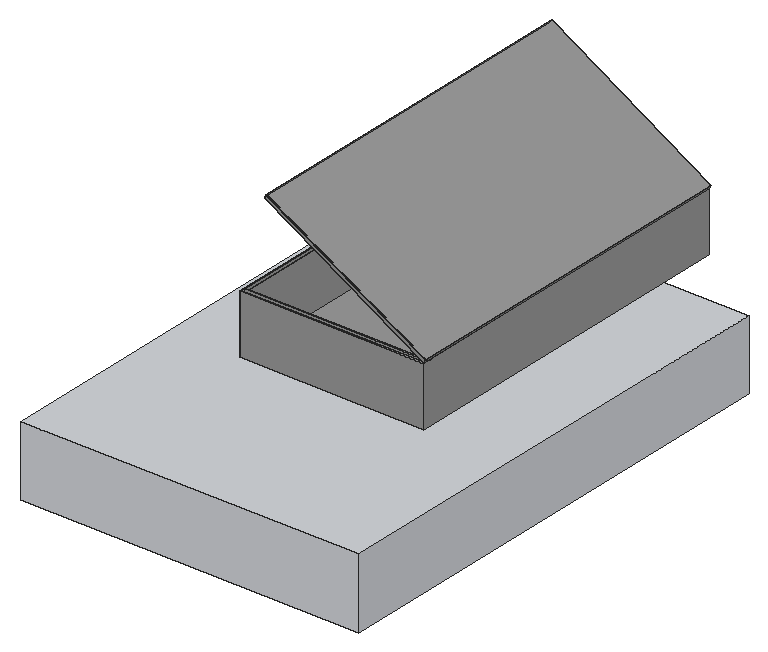
Revit family "Hager-Univers-IP55-D275-H1550-Cl.II-Steel_encl-PL-en", category Equipement électrique, Revit 2020
Family settings
  Hôte = Face
  Configuration du panneau = Deux colonnes, circuits au sein
  Cote de connecteur circulaire = Utiliser le diamètre
  Type d'élément = Tableau de raccordement
  Couper avec des vides une fois chargée = Non
  Partagée = Non
  Point de calcul de pièce = Non
Parameters (values of type "Surface mounted (plaster) IP55 W800 H1550 D275  - FR03S")
  Width Control [instance] = if([EF000008 - Width] > Min Width, [EF000008 - Width], Min Width)  # 800 mm
  Commentaires du type = [HG000003 - Range]  # "Univers"
  Thickness Door [instance] = if([EF009171 - Material plate thickness door/cover] > 3 mm, 3 mm, [EF009171 - Material plate thickness door/cover])  # 1.5 mm
  Seal Frame Offset [instance] = 17 mm  # constant formula
  Plinth Visibility [instance] = [HG000027 - Plinth height] > 0 mm  # no
  Model = ""
  Min Width [instance] = 100 mm  # constant formula
  Min Height [instance] = 100 mm  # constant formula
  Min Depth [instance] = (2 * [EF009170 - Material plate thickness cabinet]) + 1 mm  # 4 mm
  Internal Frame Depth [instance] = (Door System Depth * 0.5)  # 9 mm
  Height Control [instance] = if([EF000040 - Height] > Min Height, [EF000040 - Height], Min Height)  # 1550 mm
  HG000027 - Plinth height = 0 mm
  HG000026 - Floor standing = no
  HG000024 - Bottom section height = 800 mm
  HG000023 - Double section enclosure = no
  HG000016 - Door 3d visibility [instance] = yes
  HG000015 - Clearance visibility [instance] = no
  HG000014 - Door on the right [instance] = yes
  HG000013 - Door on the left [instance] = not([HG000014 - Door on the right])  # no
  HG000012 - Door swing angle [instance] = 30.00°
  HG000010 - Asymmetric doors = no
  HG000009 - Double swing door = no
  HG000006 - Flush mounted = no
  HG000004 - Manufacturer reference = "FR03S"
  HG000003 - Range = "Univers"
  HG000002 - With door or cover = yes
  Frame Offset Bottom [instance] = 10 mm  # constant formula
  Frame Offset [instance] = 15 mm  # constant formula
  EF015940 - Cover with overpressure release = no
  EF011959 - Degree of protection (NEMA) = ""
  EF009554 - Number of openings for flange plates = 6
  EF009212 - Cover model = "EV000116 - Closed"
  EF009171 - Material plate thickness door/cover = 1.5 mm
  EF009170 - Material plate thickness cabinet = 1.5 mm
  Fabricant = "Hager"  # constant formula
  EF008873 - Nominal current (In) = 800 A
  EF007800 - Suitable for lightning protection = no
  EF006306 - With lock = no
  EF006244 - Transparent cover/door = no
  EF005474 - Degree of protection (IP) = "EV006420 - IP55"
  EF004464 - Type of door = "EV002646 - Single"
  EF004427 - Number of modules = 360
  EF004293 - Impact strength = "EV008784 - IK10"
  EF003532 - Suitable for outdoor use = no
  EF002950 - Width in number of modular spacings = 24
  EF001613 - Circuit integrity = "EV000494 - None"
  EF001596 - Material housing = "EV000179 - Steel"
  EF001131 - Internal depth = 275 mm
  EF001088 - Extension possible = yes
  EF000437 - Number of conduit inlets = 6
  EF000339 - Type of cover = "EV004216 - Door"
  EF000266 - Number of rows = 10
  EF000218 - Built-in depth = 0 mm
  EF000118 - With mounting plate = no
  EF000116 - RAL-number = "7035"
  EF000049 - Depth = 275 mm
  EF000040 - Height = 1550 mm
  EF000008 - Width = 800 mm
  EF000007 - Colour = "EV000270 - Grey"
  EF000003 - Mounting method = "EV000384 - Surface mounted (plaster)"
  Door System Leaf Tolerance [instance] = 1.5 mm  # constant formula
  Door System Depth [instance] = 18 mm  # constant formula
  Door Height [instance] = Height Control - [HG000027 - Plinth height]  # 1550 mm
  Depth Control [instance] = if([EF000049 - Depth] > Min Depth, [EF000049 - Depth], Min Depth)  # 275 mm
  Default Elevation = 0 mm
  Connector Offset [instance] = Height Control / 2  # 775 mm
  Bottom Top Plate Trim [instance] = 1.5 mm  # constant formula
  Plinth height Ctrl [instance] = if([HG000027 - Plinth height] > 0 mm, [HG000027 - Plinth height], 12 mm)  # 12 mm
Types (5, lengths in mm): name | Width Control | HG000010 - Asymmetric doors | HG000009 - Double swing door | HG000004 - Manufacturer reference | EF009554 - Number of openings for flange plates | EF004464 - Type of door | EF004427 - Number of modules | EF000437 - Number of conduit inlets | EF000008 - Width
  Surface mounted (plaster) IP55 W1050 H1550 D275  - FR04S | 1050 | no | yes | "FR04S" | 8 | "EV003602 - Double" | 480 | 8 | 1050
  Surface mounted (plaster) IP55 W1300 H1550 D275  - FR05S | 1300 | yes | yes | "FR05S" | 10 | "EV003602 - Double" | 600 | 10 | 1300
  Surface mounted (plaster) IP55 W300 H1550 D275  - FR01S | 300 | no | no | "FR01S" | 2 | "EV002646 - Single" | 120 | 2 | 300
  Surface mounted (plaster) IP55 W550 H1550 D275  - FR02S | 550 | no | no | "FR02S" | 4 | "EV002646 - Single" | 240 | 4 | 550
  Surface mounted (plaster) IP55 W800 H1550 D275  - FR03S | 800 | no | no | "FR03S" | 6 | "EV002646 - Single" | 360 | 6 | 800
Reference planes
  plane 1 "Center (Front/Back)": y = 0
  plane 2: z = 0
  plane 3 "Center (Left/Right)": x = 0
  plane 4: z = 275
  plane 5: y = 1.5
  plane 6: y = 775
  plane 7: y = 0
  plane 8: y = 1550
  plane 9: z = 0
  plane 10: x = -385
  plane 11: x = 385
  plane 12: x = 383.5
  plane 13: x = -383.5
  plane 14: y = 1548.5
  plane 15: x = -383
  plane 16: x = -400
  plane 17: x = 383
  plane 18: x = 400
  plane 19: x = 398.5
  plane 20: x = -398.5
  plane 21: y = 11.5
  plane 22: y = 1550
  plane 23: y = 1533.5
  plane 24: z = 257
  plane 25: z = 1.5
  plane 26: z = 255.5
  plane 27: z = 273.5
Forms (mm)
  Extrusion 1, solid
    sketch origin (0, 0, 0) x (1, 0, 0) y (0, 1, 0)
      loop
        line (-702.964, 1305) -> (-702.964, -811.445) -> (766.763, -811.445) -> (766.763, 1305) -> (-702.964, 1305)
    from 0 to -304.8
  Extrusion 2, solid, material "Hager_Steel_RAL7035_Light_Grey", visible <- "Plinth Visibility", detail levels medium+fine
    sketch origin (0, 0, 0) x (1, 0, 0) y (0, 1, 0)
      loop
        line (-400, 0) -> (400, 0) -> (400, 12) -> (-400, 12) -> (-400, 0)
    from 0 to 257
  Extrusion 3, solid, material "Hager_Steel_RAL7035_Light_Grey", detail levels medium+fine
    sketch origin (0, 0, 0) x (1, 0, 0) y (0, 1, 0)
      loop
        line (-400, 0) -> (400, 0) -> (400, 1550) -> (-400, 1550) -> (-400, 0)
    from 0 to 257
  Extrusion 4, void
    sketch origin (0, 0, 0) x (1, 0, 0) y (0, 1, 0)
      loop
        line (-398.5, 1.5) -> (398.5, 1.5) -> (398.5, 1548.5) -> (-398.5, 1548.5) -> (-398.5, 1.5)
    from 1.5 to 255.5
  Extrusion 5, void
    sketch origin (-381.607, -4572, 257) x (0, -1, 0) y (-1, 0, 0)
      loop
        line (-4583.5, 1.893) -> (-6105.5, 1.893) -> (-6105.5, -765.107) -> (-4583.5, -765.107) -> (-4583.5, 1.893)
    from 0 to 1.5 <- "EF009170 - Material plate thickness cabinet"
  Extrusion 6, solid, material "Hager_Steel_RAL7035_Light_Grey", detail levels fine
    sketch origin (0, 0, 257) x (1, 0, 0) y (0, 1, 0)
      loop
        line (-383.5, 1533.5) -> (-383.5, 11.5) -> (383.5, 11.5) -> (383.5, 1533.5) -> (-383.5, 1533.5)
      loop
        line (-385, 10) -> (385, 10) -> (385, 1535) -> (-385, 1535) -> (-385, 10)
    from 0 to 9 <- "Internal Frame Depth"
  Extrusion 7, solid, material "Hager_Steel_RAL7035_Light_Grey", detail levels coarse
    sketch origin (0, 0, 0) x (1, 0, 0) y (0, 1, 0)
      loop
        line (-400, 0) -> (400, 0) -> (400, 1550) -> (-400, 1550) -> (-400, 0)
    from 0 to 275
  Sweep 8, void
    path in 3D
      loop
        line (-400, 12, 0) -> (400, 12, 0) -> (400, 12, 257) -> (-400, 12, 257) -> (-400, 12, 0)
    profile origin (-400, 12, 128.5) x (-1, 0, 0) y (0, -1, 0)
      loop
        line (0, 0) -> (0, 1.5) -> (-1.5, 1.5)
        arc (-1.5, 1.5) -> (-1.061, 0.439) -> (0, 0) r 1.5
Cuts and joins
  Extrusion 4, Extrusion 5 cuts Extrusion 3
  Sweep 8 cuts Extrusion 2
Lines and regions (mm)
  Masking region 1
    outline origin (0, 0, 0) x (1, 0, 0) y (0, 0, 1)
      loop
        line (-400, 275) -> (-400, 0) -> (400, 0) -> (400, 275) -> (-400, 275)
  Masking region 2, detail levels medium+fine
    outline origin (0, 140, 0) x (0, 1, 0) y (0, 0, 1)
      loop
        line (-140, 0) -> (1410, 0) -> (1410, 257) -> (-140, 257) -> (-140, 0)
  Masking region 3, not visible, detail levels medium+fine
    outline origin (0, 297.922, 0) x (0, 1, 0) y (0, 0, 1)
      loop
        line (488.578, 0) -> (528.578, 0) -> (528.578, 263.5)
        arc (528.578, 263.5) -> (525.649, 270.571) -> (518.578, 273.5) r 10
        line (518.578, 273.5) -> (488.578, 273.5) -> (488.578, 0)
  Masking region 4, detail levels coarse
    outline origin (0, 0, 180) x (0, 1, 0) y (0, 0, 1)
      loop
        line (0, -180) -> (1550, -180) -> (1550, 95) -> (0, 95) -> (0, -180)
  Masking region 5, visible <- "Plinth Visibility", detail levels medium+fine
    outline origin (0, 52.24, 12.345) x (0, 0, -1) y (0, 1, 0)
      loop
        line (10.845, -40.24) -> (-243.155, -40.24)
        arc (-243.155, -40.24) -> (-243.594, -41.301) -> (-244.655, -41.74) r 1.5
        line (-244.655, -41.74) -> (-244.655, -52.24) -> (12.345, -52.24) -> (12.345, -41.74)
        arc (12.345, -41.74) -> (11.285, -41.301) -> (10.845, -40.24) r 1.5
  Masking region 6, detail levels medium+fine
    outline origin (-381.607, -4572, 257) x (-1, 0, 0) y (0, -1, 0)
      loop
        line (18.393, -6122) -> (18.393, -4572) -> (-781.607, -4572) -> (-781.607, -6122) -> (18.393, -6122)
  Masking region 7, visible <- "Plinth Visibility", detail levels medium+fine
    outline origin (-381.607, -4727, 257) x (-1, 0, 0) y (0, -1, 0)
      loop
        arc (16.893, -4739) -> (17.332, -4737.939) -> (18.393, -4737.5) r 1.5
        line (18.393, -4737.5) -> (18.393, -4727) -> (-781.607, -4727) -> (-781.607, -4737.5)
        arc (-781.607, -4737.5) -> (-780.546, -4737.939) -> (-780.107, -4739) r 1.5
        line (-780.107, -4739) -> (16.893, -4739)
  Masking region 8, detail levels coarse
    outline origin (-442.548, -4669.526, 257) x (-1, 0, 0) y (0, -1, 0)
      loop
        line (-42.548, -6219.526) -> (-42.548, -4669.526) -> (-842.548, -4669.526) -> (-842.548, -6219.526) -> (-42.548, -6219.526)
  sketch lines
    curve 1: line (-400, 12, 257) -> (-400, 12, 0)
    curve 2: line (400, 12, 257) -> (-400, 12, 257)
    curve 3: line (400, 12, 257) -> (400, 12, 0)
    curve 4: line (-400, 12, 0) -> (400, 12, 0)
Dimensions and locks
  "Depth Control": plane 4 to Extrusion 1
  "HG000027 - Plinth height": plane 1 "Center (Front/Back)" to plane 7
  "EF009170 - Material plate thickness cabinet": plane 5 to plane 7
  locked: connector elem to plane 3 "Center (Left/Right)"
  equal spacing: plane 8, plane 6, plane 7
  locked: connector elem to plane 6
  "EF009170 - Material plate thickness cabinet": plane 8 to plane 14
  "EF009170 - Material plate thickness cabinet": plane 10 to plane 13
  "EF009170 - Material plate thickness cabinet": plane 12 to plane 11
  "Frame Offset": plane 20 to plane 13
  "Frame Offset": plane 12 to plane 19
  "EF009170 - Material plate thickness cabinet": plane 16 to plane 20
  "EF009170 - Material plate thickness cabinet": plane 19 to plane 18
  "Seal Frame Offset": plane 16 to plane 15
  "Seal Frame Offset": plane 17 to plane 18
  "Frame Offset Bottom": plane 21 to plane 5
  "Frame Offset": plane 14 to plane 23
  equal spacing: plane 16, plane 3 "Center (Left/Right)", plane 18
  "Width Control": plane 16 to plane 18
  "EF009170 - Material plate thickness cabinet": plane 4 to plane 27
  "EF009170 - Material plate thickness cabinet": plane 24 to plane 26
  "EF009170 - Material plate thickness cabinet": plane 25 to level
  "Door System Depth": plane 4 to plane 24
  "Height Control": plane 1 "Center (Front/Back)" to Extrusion 7 sketch curve
  "Height Control": Masking region 4 sketch curve to plane 1 "Center (Front/Back)"
  "Height Control": plane 1 "Center (Front/Back)" to plane 22
  "Bottom Top Plate Trim": profile plane to Sweep 8 sketch curve
  "Bottom Top Plate Trim": Sweep 8 sketch curve to profile plane
  "Plinth height Ctrl": plane 1 "Center (Front/Back)" to Extrusion 2 sketch curve
  "Plinth height Ctrl": Masking region 5 sketch curve to plane 1 "Center (Front/Back)"
  "Plinth height Ctrl": plane 1 "Center (Front/Back)" to Masking region 7 sketch curve
  "Thickness Door": Extrusion 6 sketch curve to Extrusion 6 sketch curve  (x3)
  "Thickness Door": cut or joined group of Extrusion 3, Extrusion 4, Extrusion 5 to Extrusion 6 sketch curve
  radius of Masking region 3 sketch curve = 10 mm
  "Bottom Top Plate Trim": radius of Masking region 5 sketch curve  (x2)
  "Bottom Top Plate Trim": radius of Sweep 8 sketch curve
  "Bottom Top Plate Trim": radius of Masking region 7 sketch curve  (x2)
  aligned and locked: plane 2 to Extrusion 1
  aligned and locked: level to Extrusion 1
  aligned and locked: level to Masking region 1 sketch curve
  aligned and locked: Masking region 1 sketch curve to plane 18
  aligned and locked: Masking region 1 sketch curve to plane 16
  aligned and locked: plane 7 to Masking region 2 sketch curve
  aligned and locked: level to Masking region 3 sketch curve
  aligned and locked: Masking region 3 sketch curve to plane 27
  aligned and locked: level to Masking region 2 sketch curve
  aligned and locked: plane 1 "Center (Front/Back)" to Extrusion 2 sketch curve
  aligned and locked: Extrusion 3 sketch curve to plane 7
  aligned and locked: plane 16 to Extrusion 3 sketch curve
  aligned and locked: plane 18 to Extrusion 3 sketch curve
  aligned and locked: plane 20 to Extrusion 4 sketch curve
  aligned and locked: plane 19 to Extrusion 4 sketch curve
  aligned and locked: Extrusion 4 sketch curve to plane 5
  aligned and locked: Extrusion 4 to plane 25
  aligned and locked: plane 26 to Extrusion 4
  aligned and locked: plane 24 to Extrusion 3
  aligned and locked: Extrusion 5 sketch curve to plane 21
  aligned and locked: Extrusion 5 sketch curve to plane 13
  aligned and locked: Extrusion 5 sketch curve to plane 12
  aligned and locked: plane 18 to Extrusion 7 sketch curve
  aligned and locked: plane 1 "Center (Front/Back)" to Extrusion 7 sketch curve
  aligned and locked: plane 16 to Extrusion 7 sketch curve
  aligned and locked: plane 4 to Extrusion 7
  aligned and locked: Extrusion 7 to level
  aligned and locked: level to Masking region 4 sketch curve
  aligned and locked: Masking region 4 sketch curve to plane 1 "Center (Front/Back)"
  aligned and locked: Masking region 4 sketch curve to plane 4
  aligned and locked: nested 1 to level
  aligned and locked: nested 1 to plane 16
  aligned and locked: plane 8 to Extrusion 3 sketch curve
  aligned and locked: plane 23 to Extrusion 5 sketch curve
  aligned and locked: plane 14 to Extrusion 4 sketch curve
  aligned and locked: Masking region 2 sketch curve to plane 8
  aligned and locked: level to Masking region 5 sketch curve
  aligned and locked: plane 16 to Extrusion 2 sketch curve
  aligned and locked: plane 18 to Extrusion 2 sketch curve
  aligned and locked: Masking region 5 sketch curve to plane 24
  aligned and locked: Masking region 2 sketch curve to plane 24
  aligned and locked: plane 24 to Extrusion 2
  aligned and locked: profile plane to Sweep 8 sketch curve  (x2)
  aligned and locked: Masking region 6 sketch curve to plane 18
  aligned and locked: Masking region 6 sketch curve to plane 22
  aligned and locked: Masking region 6 sketch curve to plane 16
  aligned and locked: plane 8 to plane 22
  aligned and locked: Masking region 6 sketch curve to plane 7
  aligned and locked: Masking region 7 sketch curve to plane 16
  aligned and locked: Masking region 7 sketch curve to plane 1 "Center (Front/Back)"
  aligned and locked: Masking region 7 sketch curve to plane 18
  aligned and locked: Masking region 8 sketch curve to plane 1 "Center (Front/Back)"
  aligned and locked: Masking region 8 sketch curve to plane 18
  aligned and locked: Masking region 8 sketch curve to plane 22
  aligned and locked: Masking region 8 sketch curve to plane 16
  aligned and locked: nested 2 to plane 7
  aligned and locked: plane 3 "Center (Left/Right)" to nested 2
  aligned and locked: nested 2 to plane 24
  aligned and locked: Extrusion 6 sketch curve to cut or joined group of Extrusion 3, Extrusion 4, Extrusion 5  (x4)
Automatic sketch dimensions
  Extrusion 1 sketch curve to Extrusion 1 sketch curve = 1469.727 mm
  Extrusion 1 sketch curve to Extrusion 1 sketch curve = 2116.445 mm
  Masking region 1 sketch curve to plane 4 = 0 mm
  plane 6 to Masking region 3 sketch curve = 11.5 mm
  Masking region 3 sketch curve to Masking region 3 sketch curve = 30 mm
  Masking region 5 sketch curve to plane 1 "Center (Front/Back)" = 0 mm
Nested families
  nested 1: "Hager_Enclosure_Symbol" at (-400, 0, 0) x (1, 0, 0) z (0, -1, 0), Height <- "Depth Control", Width <- "Width Control", type "Hager_Enclosure_Symbol"
    with Width_Ctrl 800 mm, Width 800 mm, Height_Ctrl 275 mm, Height 275 mm, A_Width_Int 18.047 mm, A_Width 216.562 mm, A_Height_Ctrl 240.625 mm, A_Height 240.625 mm
  nested 2: "EC000058_Univers_Door" at (0, 0, 257) x (1, 0, 0) z (0, 1, 0), Leaf_Tolerance <- "Door System Leaf Tolerance", Angle <- "HG000012 - Door swing angle", Door_Depth <- "Door System Depth", Door_Left <- "HG000013 - Door on the left", Transparent <- "EF006244 - Transparent cover/door", Assymetrical <- "HG000010 - Asymmetric doors", Width <- "Width Control", Clearance <- "HG000015 - Clearance visibility", Double <- "HG000009 - Double swing door", 3d_Door <- "HG000016 - Door 3d visibility", Lock_Visibility <- "EF006306 - With lock", Width_Ctrl <- "Width Control", Door_Right <- "HG000014 - Door on the right", Door <- "HG000002 - With door or cover", Height <- "Door Height", Thickness <- "Thickness Door", type "EC000058_Univers_Door", detail levels medium+fine
    with min_wh 4 mm, Width_Ctrl 800 mm, Width 800 mm, Transparent no, Thickness 1.5 mm, Seal_Material Hager_Rubber, Lock_Visibility no, Lock_Material Hager_Plastic_RAL9005_Jet_Black, Leaf_Width 800 mm, Leaf_Tolerance_External_Sides 0 mm, Leaf_Tolerance 1.5 mm, Leaf_Offset 0 mm, Leaf_Height 1547 mm, Leaf_2_Width 800 mm, Leaf_2_Offset 400 mm, Leaf_1_Width 800 mm, Leaf_1_Offset 400 mm, Height_Ctrl 1550 mm, Height 1550 mm, Glass_Material Hager_Glass, Double_Clearance_Ctrl no, Double no, Door_Right_Ctrl yes, Door_Right yes, Door_Material Hager_Steel_RAL7035_Light_Grey, Door_Left_Ctrl no, Door_Left no, Door_Depth 18 mm, Door yes, Clearance_Material Hager_Clearance, Clearance_Depth 800 mm, Clearance_Ctrl no, Clearance no, Assymetrical no, Angle 30.00°, 3d_Door yes
Connectors
  electrical at (0, 775, 0)
    settings: on plane 9, index 1, voltage 0 V, apparent load 0 VA, apparent load phase1 0 VA, apparent load phase2 0 VA, apparent load phase3 0 VA, power factor 1, load classification "Other", number of poles 1, system type 30, power factor state 1, is connector primary yes, connector utility no, sub classification motor no, connector description ""
Definition of nested family "EC000058_Univers_Door"
  Parameters (values of type "EC000058_Univers_Door")
    min_wh [instance] = (2 * Thickness) + 1 mm  # 11 mm
    Width_Ctrl [instance] = 400 mm
    Width [instance] = 500 mm
    Transparent [instance] = yes
    Thickness [instance] = 5 mm
    Seal_Material [instance] = none
    Lock_Visibility [instance] = yes
    Lock_Material [instance] = none
    Leaf_Width [instance] = if((Width_Ctrl - 2 * Leaf_Tolerance_External_Sides) > 0 mm, (Width_Ctrl - 2 * Leaf_Tolerance_External_Sides), min_wh)  # 400 mm
    Leaf_Tolerance_External_Sides [instance] = 0 mm  # constant formula
    Leaf_Tolerance [instance] = 1.5 mm
    Leaf_Offset [instance] = 0 mm  # constant formula
    Leaf_Height [instance] = if((Height_Ctrl - 2 * Leaf_Tolerance) > 0 mm, (Height_Ctrl - 2 * Leaf_Tolerance), min_wh)  # 497 mm
    Leaf_2_Width [instance] = if(and(and(Double, Assymetrical), Door_Left), (Leaf_Width / 3) - (Leaf_Tolerance / 2), if(and(and(Double, Assymetrical), Door_Right), (Leaf_Width / 3) * 2 - (Leaf_Tolerance / 2), if(and(Double, not(Assymetrical)), (Leaf_Width / 2) - Leaf_Tolerance, Leaf_Width)))  # 400 mm
    Leaf_2_Offset [instance] = if(and(Double, Assymetrical), Leaf_2_Width / 2, if(and(Double, not(Assymetrical)), Leaf_Width / 4, Leaf_Width / 2))  # 200 mm
    Leaf_1_Width [instance] = if(and(and(Double, Assymetrical), Door_Right), (Leaf_Width / 3) - (Leaf_Tolerance / 2), if(and(and(Double, Assymetrical), Door_Left), (Width / 3) * 2 - (Leaf_Tolerance / 2), if(and(Double, not(Assymetrical)), (Leaf_Width / 2) - Leaf_Tolerance, Leaf_Width)))  # 400 mm
    Leaf_1_Offset [instance] = if(and(Double, Assymetrical), Leaf_1_Width / 2, if(and(Double, not(Assymetrical)), Leaf_Width / 4, Leaf_Width / 2))  # 200 mm
    Height_Ctrl [instance] = if(Height > min_wh, Height, min_wh)  # 500 mm
    Height [instance] = 500 mm
    Glass_Material [instance] = none
    Double_Clearance_Ctrl [instance] = and(Double, Clearance)  # no
    Double [instance] = no
    Door_Right_Ctrl [instance] = and(or(Door_Right, Double), Door)  # yes
    Door_Right [instance] = yes
    Door_Material [instance] = none
    Door_Left_Ctrl [instance] = and(or(Door_Left, Double), Door)  # no
    Door_Left [instance] = no
    Door_Depth [instance] = 30 mm
    Door [instance] = yes
    Default Elevation = 1219.2 mm
    Clearance_Material [instance] = none
    Clearance_Depth [instance] = if(Leaf_1_Width > Leaf_2_Width, Leaf_1_Width, Leaf_2_Width)  # 400 mm
    Clearance_Ctrl [instance] = and(not(Double), Clearance)  # yes
    Clearance [instance] = yes
    Assymetrical [instance] = yes
    Angle [instance] = 30.00°
    3d_Door [instance] = yes
  Reference planes
    plane 1 "Center (Front/Back)": y = 0
    plane 2 "Bottom": z = 0
    plane 3 "Center (Left/Right)": x = 0
    plane 4: z = 500
    plane 5: x = -200
    plane 6: x = 200
    plane 7: z = 500
    plane 8: x = -200
    plane 9: z = 0
    plane 10: x = 200
    plane 11: y = 0
    plane 12: z = 1.5
    plane 13: x = -600
    plane 14: y = -400
    plane 15: x = 600
    plane 16: x = 0
    plane 17: x = 0
    plane 18: x = -200
    plane 19: x = 200
    plane 20: z = 498.5
  Forms (mm)
    Extrusion 1, solid, material <- "Clearance_Material", visible <- "Double_Clearance_Ctrl"
      sketch origin (1200, 0, 0) x (1, 0, 0) y (0, 0, -1)
        loop
          line (-1800, -498.5) -> (-600, -498.5) -> (-600, 0) -> (-1800, 0) -> (-1800, -498.5)
      from 0 to -400
  Dimensions and locks
    equal spacing: plane 5, plane 3 "Center (Left/Right)", plane 6
    "Width_Ctrl": plane 5 to plane 6
    "Leaf_Offset": plane 5 to plane 8
    "Leaf_Offset": plane 6 to plane 10
    "Leaf_Offset": plane 9 to level
    "Leaf_Offset": plane 4 to plane 7
    "Height_Ctrl": plane 4 to level
    "Leaf_Tolerance": plane 12 to plane 9
    locked: plane 11 to plane 1 "Center (Front/Back)"
    "Leaf_1_Offset": plane 18 to plane 16
    "Leaf_2_Offset": plane 17 to plane 19
    "Leaf_1_Width": plane 13 to plane 8
    "Leaf_2_Width": plane 10 to plane 15
    "Clearance_Depth": plane 14 to plane 1 "Center (Front/Back)"
    "Leaf_Tolerance_External_Sides": plane 8 to plane 18
    "Leaf_Tolerance_External_Sides": plane 19 to plane 10
    "Leaf_Tolerance": plane 7 to plane 20
    aligned and locked: level to plane 2 "Bottom"
    aligned and locked: nested 1 to plane 16
    aligned and locked: nested 2 to plane 17
    aligned and locked: Extrusion 1 to plane 13
    aligned and locked: plane 15 to Extrusion 1
    aligned and locked: Extrusion 1 to plane 14
    aligned and locked: plane 12 to nested 1
    aligned and locked: nested 2 to plane 12
    aligned and locked: Extrusion 1 to plane 11
    aligned and locked: plane 20 to Extrusion 1
    aligned and locked: nested 2 to plane 11
    aligned and locked: nested 1 to plane 11
  Automatic sketch dimensions
    Extrusion 1 sketch curve to level = 0 mm
    plane 5 to Extrusion 1 sketch curve = 400 mm
    plane 6 to Extrusion 1 sketch curve = 400 mm
    Extrusion 1 sketch curve to plane 4 = 1.5 mm
  Nested families
    nested 1: "EC000058_Univers_Door_Leaf" at (0, 0, 1.5), Width <- "Leaf_1_Width", visible <- "Door_Left_Ctrl", Leaf_Height <- "Leaf_Height", Angle <- "Angle", 3d_Door <- "3d_Door", Transparent <- "Transparent", Clearance Material <- "Clearance_Material", Clearance <- "Clearance_Ctrl", Door_Material <- "Door_Material", Glass_Material <- "Glass_Material", Door_Depth <- "Door_Depth", Lock_Material <- "Lock_Material", Seal_Material <- "Seal_Material", Lock_Visibility <- "Lock_Visibility", Thickness <- "Thickness", type "EC000058_Univers_Door_Leaf"
      with Width 400 mm, Transparent_Glass_Offset 30 mm, Transparent_Ctrl yes, Transparent yes, Thickness 5 mm, Standard no, Seal_Material none, Seal_D2 8 mm, Seal_D1 1 mm, Offset_Internal_Frame 10 mm, Lock_Width 20 mm, Lock_Visibility_3d yes, Lock_Visibility yes, Lock_Thickness_3 3 mm, Lock_Thickness_2 1 mm, Lock_Thickness_1 3 mm, Lock_Radius_Offset_2 16 mm, Lock_Radius_Offset_1 15 mm, Lock_Radius_2 5 mm, Lock_Radius 6 mm, Lock_Offset 5 mm, Lock_Material none, Lock_Height 80 mm, Lock_Cover_Top_Offset_2d 17 mm, Lock_Cover_Height -65 mm, Leaf_Height 497 mm, Internal_Seal_Thickness 8 mm, Internal_Seal_Depth_2 4.5 mm, Internal_Frame_Depth 25 mm, Glass_Thickness -1 mm, Glass_Offset -2 mm, Glass_Material none, Door_Material none, Door_Depth 30 mm, Clearance Material none, Clearance yes, Angle_Ctrl 30.00°, Angle 30.00°, 3d_Door yes
    nested 2: "EC000058_Univers_Door_Leaf" at (0, 0, 1.5) x (-1, 0, 0) z (0, 0, 1), Width <- "Leaf_2_Width", visible <- "Door_Right_Ctrl", Leaf_Height <- "Leaf_Height", Angle <- "Angle", 3d_Door <- "3d_Door", Transparent <- "Transparent", Clearance Material <- "Clearance_Material", Clearance <- "Clearance_Ctrl", Door_Material <- "Door_Material", Glass_Material <- "Glass_Material", Door_Depth <- "Door_Depth", Lock_Material <- "Lock_Material", Seal_Material <- "Seal_Material", Lock_Visibility <- "Lock_Visibility", Thickness <- "Thickness", type "EC000058_Univers_Door_Leaf"
      with Width 400 mm, Transparent_Glass_Offset 30 mm, Transparent_Ctrl yes, Transparent yes, Thickness 5 mm, Standard no, Seal_Material none, Seal_D2 8 mm, Seal_D1 1 mm, Offset_Internal_Frame 10 mm, Lock_Width 20 mm, Lock_Visibility_3d yes, Lock_Visibility yes, Lock_Thickness_3 3 mm, Lock_Thickness_2 1 mm, Lock_Thickness_1 3 mm, Lock_Radius_Offset_2 16 mm, Lock_Radius_Offset_1 15 mm, Lock_Radius_2 5 mm, Lock_Radius 6 mm, Lock_Offset 5 mm, Lock_Material none, Lock_Height 80 mm, Lock_Cover_Top_Offset_2d 17 mm, Lock_Cover_Height -65 mm, Leaf_Height 497 mm, Internal_Seal_Thickness 8 mm, Internal_Seal_Depth_2 4.5 mm, Internal_Frame_Depth 25 mm, Glass_Thickness -1 mm, Glass_Offset -2 mm, Glass_Material none, Door_Material none, Door_Depth 30 mm, Clearance Material none, Clearance yes, Angle_Ctrl 30.00°, Angle 30.00°, 3d_Door yes
  Definition of nested family "EC000058_Univers_Door_Leaf"
    Parameters (values of type "EC000058_Univers_Door_Leaf")
      Width [instance] = 2000 mm
      Transparent_Glass_Offset [instance] = 30 mm
      Transparent_Ctrl [instance] = and(Transparent, [3d_Door])  # yes
      Transparent [instance] = yes
      Thickness [instance] = 5 mm
      Standard [instance] = and(not(Transparent), [3d_Door])  # no
      Seal_Material [instance] = none
      Seal_D2 [instance] = 8 mm  # constant formula
      Seal_D1 [instance] = 1 mm  # constant formula
      Offset_Internal_Frame [instance] = 10 mm  # constant formula
      Lock_Width [instance] = 20 mm  # constant formula
      Lock_Visibility_3d [instance] = and(Lock_Visibility, [3d_Door])  # yes
      Lock_Visibility [instance] = yes
      Lock_Thickness_3 [instance] = 3 mm  # constant formula
      Lock_Thickness_2 [instance] = 1 mm  # constant formula
      Lock_Thickness_1 [instance] = 3 mm  # constant formula
      Lock_Radius_Offset_2 [instance] = Lock_Radius_Offset_1 + 1 mm  # 16 mm
      Lock_Radius_Offset_1 [instance] = 15 mm  # constant formula
      Lock_Radius_2 [instance] = Lock_Radius - 1 mm  # 5 mm
      Lock_Radius [instance] = 6 mm  # constant formula
      Lock_Offset [instance] = 5 mm  # constant formula
      Lock_Material [instance] = none
      Lock_Height [instance] = 80 mm  # constant formula
      Lock_Cover_Top_Offset_2d [instance] = Lock_Radius_Offset_2 + 1 mm  # 17 mm
      Lock_Cover_Height [instance] = -(Lock_Height - Lock_Radius_Offset_1)  # -65 mm
      Leaf_Height [instance] = 2720.336 mm
      Internal_Seal_Thickness [instance] = 8 mm  # constant formula
      Internal_Seal_Depth_2 [instance] = 4.5 mm  # constant formula
      Internal_Frame_Depth [instance] = if(Door_Depth - Thickness > 5 mm, Door_Depth - Thickness, 5 mm)  # 25 mm
      Glass_Thickness [instance] = if(Thickness > 15 mm, Glass_Offset + 10 mm, -1 mm)  # -1 mm
      Glass_Offset [instance] = if(Thickness > 15 mm, -(Thickness + 10 mm) / 2, -2 mm)  # -2 mm
      Glass_Material [instance] = none
      Door_Material [instance] = none
      Door_Depth [instance] = 30 mm
      Default Elevation = 0 mm
      Clearance Material [instance] = none
      Clearance [instance] = yes
      Angle_Ctrl [instance] = if(Angle > 180.00°, 180.00°, Angle)  # 90.00°
      Angle [instance] = 90.00°
      3d_Door [instance] = yes
    Reference planes
      plane 1 "Center (Front/Back)": y = 0
      plane 2: z = 0
      plane 3 "Center (Left/Right)": x = 0
      plane 4: y = 2000
      plane 5: x = -1000
      plane 6: x = 1000
      plane 7: x = -3000
      plane 8: z = 2720.336
      plane 9: z = 30
      plane 10: z = 2690.336
      plane 11: x = 970
      plane 12: x = -970
      plane 13: y = -3
      plane 14: z = 107.833
      plane 15: y = -5
      plane 16: y = -223.314
      plane 17: x = -1000
      plane 18: z = 1360.168
      plane 19: y = 30
    Forms (mm)
      Extrusion 1, solid, material <- "Clearance Material", visible <- "Clearance"
        sketch origin (0, 0, 0) x (1, 0, 0) y (0, 0, 1)
          loop
            line (-3000, 2720.336) -> (-3000, 0) -> (1000, 0) -> (1000, 2720.336) -> (-3000, 2720.336)
        from 0 to -2000
      Extrusion 2, solid, material <- "Door_Material", visible <- "Standard", detail levels medium+fine
        sketch origin (-1000, 0, 0) x (0, 1, 0) y (-1, 0, 0)
          loop
            line (0, 30) -> (0, 25) -> (2000, 25) -> (2000, 30) -> (0, 30)
        from 0 to 2720.336 <- "Leaf_Height"
      Extrusion 3, solid, material <- "Door_Material", visible <- "Transparent_Ctrl", detail levels medium+fine
        sketch origin (-1000, 0, 0) x (0, 1, 0) y (-1, 0, 0)
          loop
            line (0, 25) -> (2000, 25) -> (2000, 30) -> (0, 30) -> (0, 25)
        from 0 to 2720.336 <- "Leaf_Height"
      Extrusion 4, void
        sketch origin (-1025, 2000, 0) x (0, 1, 0) y (0, 0, -1)
          loop
            line (-30, -2690.336) -> (-30, -30) -> (-1970, -30) -> (-1970, -2690.336) -> (-30, -2690.336)
        from 0 to 5 <- "Thickness"
      Sweep 5, solid, material <- "Seal_Material", visible <- "Transparent_Ctrl", detail levels fine
        path in 3D
          loop
            line (-1025, 30, 30) -> (-1025, 30, 2690.336) -> (-1025, 1970, 2690.336) -> (-1025, 1970, 30) -> (-1025, 30, 30)
        profile origin (-1025, 1000, 30) x (1, 0, 0) y (0, 0, 1)
          loop
            line (0, 0) -> (0, -8) -> (1, -8) -> (1, 0) -> (0, 0)
      Extrusion 6, solid, material <- "Glass_Material", visible <- "Transparent_Ctrl", detail levels medium+fine
        sketch origin (-1030, 0, 0) x (0, 1, 0) y (0, 0, -1)
          loop
            line (1970, -2690.336) -> (1970, -30) -> (30, -30) -> (30, -2690.336) -> (1970, -2690.336)
        from -2 <- "Glass_Offset" to -1 <- "Glass_Thickness"
      Extrusion 7, solid, material <- "Door_Material", visible <- "3d_Door", detail levels medium+fine
        sketch origin (-1025, 2000, 0) x (0, -1, 0) y (0, 0, -1)
          loop
            line (0, -2720.336) -> (2000, -2720.336) -> (2000, 0) -> (0, 0) -> (0, -2720.336)
          loop
            line (1995, -5) -> (5, -5) -> (5, -2715.336) -> (1995, -2715.336) -> (1995, -5)
        from 0 to 25 <- "Internal_Frame_Depth"
      Sweep 8, solid, material <- "Seal_Material", visible <- "Transparent_Ctrl", detail levels fine
        path in 3D
          loop
            line (-1025, 0, 0) -> (-1025, 2000, 0) -> (-1025, 2000, 2720.336) -> (-1025, 0, 2720.336) -> (-1025, 0, 0)
        profile origin (-1025, 0, 1360.168) x (1, 0, 0) y (0, 1, 0)
          loop
            line (0, 10) -> (2.975, 10)
            arc (2.975, 10) -> (4.053, 10.447) -> (4.5, 11.525) r 1.525
            line (4.5, 11.525) -> (4.5, 16.527)
            arc (4.5, 16.527) -> (4.069, 17.569) -> (3.027, 18) r 1.473
            line (3.027, 18) -> (0, 18) -> (0, 10)
      Extrusion 9, solid, material <- "Lock_Material", visible <- "Lock_Visibility_3d", detail levels fine
        sketch origin (-1030, 0, 0) x (0, 1, 0) y (0, 0, -1)
          loop
            arc (1993.5, -1400.168) -> (1994.561, -1399.729) -> (1995, -1398.668) r 1.5
            line (1995, -1398.668) -> (1995, -1320.168) -> (1975, -1320.168) -> (1975, -1398.668)
            arc (1975, -1398.668) -> (1975.439, -1399.729) -> (1976.5, -1400.168) r 1.5
            line (1976.5, -1400.168) -> (1993.5, -1400.168)
        from 3 <- "Lock_Thickness_1" to 0
      Blend 10, solid, material <- "Lock_Material", visible <- "Lock_Visibility_3d", detail levels fine
        base sketch origin (-1033, 0, 0) x (0, 1, 0) y (0, 0, -1)
          loop
            line (1975, -1320.168) -> (1975, -1398.668)
            arc (1975, -1398.668) -> (1975.439, -1399.729) -> (1976.5, -1400.168) r 1.5
            line (1976.5, -1400.168) -> (1993.5, -1400.168)
            arc (1993.5, -1400.168) -> (1994.561, -1399.729) -> (1995, -1398.668) r 1.5
            line (1995, -1398.668) -> (1995, -1320.168) -> (1975, -1320.168)
        top sketch origin (-1033, 0, 0) x (0, 1, 0) y (0, 0, -1)
          loop
            line (1976, -1320.168) -> (1976, -1398.668)
            arc (1976, -1398.668) -> (1976.146, -1399.022) -> (1976.5, -1399.168) r 0.5
            line (1976.5, -1399.168) -> (1993.5, -1399.168)
            arc (1993.5, -1399.168) -> (1993.854, -1399.022) -> (1994, -1398.668) r 0.5
            line (1994, -1398.668) -> (1994, -1320.168) -> (1976, -1320.168)
        from 0 to 1 <- "Lock_Thickness_2"
      Blend 11, solid, material <- "Lock_Material", visible <- "Lock_Visibility_3d", detail levels fine
        base sketch origin (-1034, 0, 0) x (0, 1, 0) y (0, 0, -1)
          loop
            line (1978, -1320.168) -> (1978, -1384.168)
            arc (1978, -1384.168) -> (1985, -1391.168) -> (1992, -1384.168) r 7
            line (1992, -1384.168) -> (1992, -1320.168) -> (1978, -1320.168)
        top sketch origin (-1034, 0, 0) x (0, 1, 0) y (0, 0, -1)
          loop
            line (1991, -1320.168) -> (1979, -1320.168) -> (1979, -1383.168)
            arc (1979, -1383.168) -> (1985, -1389.168) -> (1991, -1383.168) r 6
            line (1991, -1383.168) -> (1991, -1320.168)
        from 0 to 3 <- "Lock_Thickness_3"
      Extrusion 12, solid, material <- "Lock_Material", visible <- "Lock_Visibility_3d", detail levels fine
        sketch origin (-1030, 1975, 1320.168) x (1, 0, 0) y (0, -1, 0)
          loop
            line (-7, -19) -> (-7, -1) -> (0, -1) -> (0, 0) -> (-8, 0) -> (-8, -20) -> (0, -20) -> (0, -19) -> (-7, -19)
        from 0 to -65 <- "Lock_Cover_Height"
      Extrusion 13, void
        sketch origin (-1038, 1995, 1320.168) x (-1, 0, 0) y (0, 0, -1)
          loop
            line (-5, -65) -> (0, -65) -> (-5, -60) -> (-5, -65)
        from 0 to 20 <- "Lock_Width"
      Extrusion 14, void
        sketch origin (-1038, 1975, 1320.168) x (0, -1, 0) y (0, 0, -1)
          loop
            circle (-10, -15.995) r 6
          loop
            circle (-10, -15.995) r 5
        from 0 to 2
      Extrusion 15, solid, material <- "Lock_Material", visible <- "Lock_Visibility_3d", detail levels medium
        sketch origin (-1030, 0, 0) x (0, 1, 0) y (0, 0, -1)
          loop
            arc (1993.5, -1400.168) -> (1994.561, -1399.729) -> (1995, -1398.668) r 1.5
            line (1995, -1398.668) -> (1995, -1320.168) -> (1975, -1320.168) -> (1975, -1398.668)
            arc (1975, -1398.668) -> (1975.439, -1399.729) -> (1976.5, -1400.168) r 1.5
            line (1976.5, -1400.168) -> (1993.5, -1400.168)
        from 8 to 0
    Cuts and joins
      Extrusion 4 cuts Extrusion 3
      Extrusion 13, Extrusion 14 cuts Extrusion 9
      Extrusion 14 cuts Blend 11
      Extrusion 13, Extrusion 14 cuts Extrusion 12
      joined: Extrusion 9, Blend 10, Blend 11, Extrusion 12
      Extrusion 14 cuts Extrusion 15
    Lines and regions (mm)
      Masking region 1, visible <- "Lock_Visibility", detail levels fine
        outline origin (0, 0, 0) x (0, 1, 0) y (0, 0, 1)
          loop
            line (30, 1320.168) -> (33, 1320.168) -> (33, 1400.168) -> (30, 1400.168) -> (30, 1320.168)
      Masking region 2, visible <- "Lock_Visibility", detail levels fine
        outline origin (0, 3.143, 0) x (0, 1, 0) y (0, 0, 1)
          loop
            line (29.857, 1354.168) -> (30.857, 1354.168) -> (30.857, 1366.168) -> (29.857, 1366.168) -> (29.857, 1354.168)
      Masking region 3, detail levels medium+fine
        outline origin (0, 0, 0) x (0, 1, 0) y (0, 0, 1)
          loop
            line (0, 0) -> (30, 0) -> (30, 2720.336) -> (0, 2720.336) -> (0, 0)
      Masking region 4, detail levels medium+fine
        outline origin (0, 0, 0) x (1, 0, 0) y (0, 0, 1)
          loop
            line (-1000, 2720.336) -> (-1000, 0) -> (1000, 0) -> (1000, 2720.336) -> (-1000, 2720.336)
      Masking region 5, visible <- "Lock_Visibility", detail levels fine
        outline origin (-47.116, 0, 0) x (1, 0, 0) y (0, 0, 1)
          loop
            arc (1024.616, 1399.168) -> (1023.556, 1398.729) -> (1023.116, 1397.668) r 1.5
            line (1023.116, 1397.668) -> (1023.116, 1320.168) -> (1041.116, 1320.168) -> (1041.116, 1397.668)
            arc (1041.116, 1397.668) -> (1040.677, 1398.729) -> (1039.616, 1399.168) r 1.5
            line (1039.616, 1399.168) -> (1024.616, 1399.168)
      Masking region 6, visible <- "Lock_Visibility", detail levels medium+fine
        outline origin (-25, 0, 0) x (1, 0, 0) y (0, 0, 1)
          loop
            arc (1001.5, 1400.168) -> (1000.439, 1399.729) -> (1000, 1398.668) r 1.5
            line (1000, 1398.668) -> (1000, 1320.168) -> (1020, 1320.168) -> (1020, 1398.668)
            arc (1020, 1398.668) -> (1019.561, 1399.729) -> (1018.5, 1400.168) r 1.5
            line (1018.5, 1400.168) -> (1001.5, 1400.168)
      Masking region 7, visible <- "Lock_Visibility", detail levels fine
        outline origin (-73.735, 0, 0) x (1, 0, 0) y (0, 0, 1)
          loop
            line (1051.735, 1382.168) -> (1065.735, 1382.168) -> (1065.735, 1384.168)
            arc (1065.735, 1384.168) -> (1058.735, 1391.168) -> (1051.735, 1384.168) r 7
            line (1051.735, 1384.168) -> (1051.735, 1382.168)
      Masking region 8, visible <- "Lock_Visibility", detail levels fine
        outline origin (-73.735, 0, 0) x (1, 0, 0) y (0, 0, 1)
          loop
            line (1052.735, 1382.168) -> (1064.735, 1382.168) -> (1064.735, 1383.168)
            arc (1064.735, 1383.168) -> (1058.735, 1389.168) -> (1052.735, 1383.168) r 6
            line (1052.735, 1383.168) -> (1052.735, 1382.168)
      Masking region 9, visible <- "Lock_Visibility", detail levels fine
        outline origin (-25, 0, 0) x (1, 0, 0) y (0, 0, 1)
          loop
            line (1020, 1320.168) -> (1020, 1382.168) -> (1000, 1382.168) -> (1000, 1320.168) -> (1020, 1320.168)
      Masking region 10, detail levels medium+fine
        outline origin (0, 0, 0) x (1, 0, 0) y (0, 0, 1)
          loop
            circle (985, 1335.144) r 6
      Masking region 11, detail levels fine
        outline origin (0, 0, 0) x (1, 0, 0) y (0, 0, 1)
          loop
            circle (985, 1335.144) r 5
      Masking region 12, visible <- "Lock_Visibility", detail levels fine
        outline origin (0, 12.767, 0) x (0, 1, 0) y (0, 0, 1)
          loop
            line (20.233, 1320.168) -> (21.233, 1320.168) -> (21.233, 1399.168) -> (20.233, 1400.168) -> (20.233, 1320.168)
      Masking region 13, visible <- "Lock_Visibility", detail levels fine
        outline origin (0, 13.767, -10) x (0, 1, 0) y (0, 0, 1)
          loop
            line (20.233, 1330.168) -> (23.233, 1330.168) -> (23.233, 1399.168) -> (20.233, 1402.168) -> (20.233, 1330.168)
      Masking region 14, visible <- "Lock_Visibility", detail levels fine
        outline origin (0, 12.767, -10) x (0, 1, 0) y (0, 0, 1)
          loop
            line (20.233, 1330.168) -> (25.233, 1330.168) -> (25.233, 1399.305) -> (20.233, 1394.305) -> (20.233, 1330.168)
      Masking region 15, visible <- "Lock_Visibility", detail levels medium
        outline origin (0, 0, 0) x (0, 1, 0) y (0, 0, 1)
          loop
            line (30, 1320.168) -> (38, 1320.168) -> (38, 1400.168) -> (30, 1400.168) -> (30, 1320.168)
      Masking region 16, visible <- "Lock_Visibility", detail levels fine
        outline origin (-1000, 0, 0) x (0, 1, 0) y (-1, 0, 0)
          loop
            line (1975, 30) -> (1995, 30) -> (1995, 38) -> (1975, 38) -> (1975, 30)
          loop
            line (1979, 37) -> (1976, 37) -> (1976, 34) -> (1978, 34) -> (1979, 37)
          loop
            line (1994, 37) -> (1991, 37) -> (1992, 34) -> (1994, 34) -> (1994, 37)
      Masking region 17, visible <- "Lock_Visibility", detail levels medium
        outline origin (-1000, 0, 0) x (0, 1, 0) y (-1, 0, 0)
          loop
            line (1975, 30) -> (1995, 30) -> (1995, 38) -> (1975, 38) -> (1975, 30)
      symbolic lines
        curve 1: line (1000, 0, 0) -> (-3000, 0, 0)
        curve 2: arc (1000, 0, 0) -> (-1000, 2000, 0) -> (-3000, 0, 0) r 2000
        curve 4: line (-1030, 0, 0) -> (-1030, 2000, 0)
      reference lines
        curve 3: line (-1000, 0, 0) -> (-1000, 2000, 0)
      symbolic lines, detail levels medium+fine
        curve 5: line (-1030, 2000, 0) -> (-1025, 2000, 0)
        curve 7: line (-1025, 0, 0) -> (-1030, 0, 0)
        curve 8: line (-1025, 0, 0) -> (-1000, 0, 0)
        curve 9: line (-1000, 0, 0) -> (-1000, 2000, 0)
        curve 10: line (-1000, 2000, 0) -> (-1025, 2000, 0)
      symbolic lines, detail levels fine
        curve 6: line (-1025, 2000, 0) -> (-1025, 0, 0)
      sketch lines
        curve 11: line (-1025, 0, 2720.336) -> (-1025, 0, 0)
        curve 12: line (-1025, 2000, 0) -> (-1025, 0, 0)
        curve 13: line (-1025, 2000, 2720.336) -> (-1025, 2000, 0)
        curve 14: line (-1025, 0, 2720.336) -> (-1025, 2000, 2720.336)
        curve 15: line (-1025, 1970, 30) -> (-1025, 30, 30)
        curve 16: line (-1025, 30, 30) -> (-1025, 30, 2690.336)
        curve 17: line (-1025, 1970, 2690.336) -> (-1025, 1970, 30)
        curve 18: line (-1025, 30, 2690.336) -> (-1025, 1970, 2690.336)
      symbolic lines, visible <- "Transparent", detail levels medium+fine
        curve 19: line (-970, 0, 2690.336) -> (970, 0, 2690.336)
        curve 20: line (-970, 0, 30) -> (-970, 0, 2690.336)
        curve 21: line (970, 0, 30) -> (-970, 0, 30)
        curve 22: line (970, 0, 2690.336) -> (970, 0, 30)
    Dimensions and locks
      "Width": plane 1 "Center (Front/Back)" to plane 4
      equal spacing: plane 5, plane 3 "Center (Left/Right)", plane 6
      "Width": plane 5 to plane 6
      "Width": plane 7 to plane 5
      "Leaf_Height": plane 8 to level
      "Width": curve 5 to curve 3
      "Width": curve 3 to curve 3
      plane 8 to plane 10 = 30 mm
      plane 9 to level = 30 mm
      plane 12 to plane 5 = 30 mm
      plane 6 to plane 11 = 30 mm
      Extrusion 1 to Extrusion 4 sketch curve = 30 mm
      "Transparent_Glass_Offset": curve 3 to Extrusion 4 sketch curve
      "Transparent_Glass_Offset": Extrusion 4 sketch curve to cut or joined group of Extrusion 3, Extrusion 4  (x2)
      cut or joined group of Extrusion 3, Extrusion 4 to Extrusion 6 sketch curve = 30 mm
      "Transparent_Glass_Offset": cut or joined group of Extrusion 3, Extrusion 4 to Extrusion 4 sketch curve
      "Thickness": curve 6 to curve 4
      "Thickness": Extrusion 7 sketch curve to Extrusion 7 sketch curve  (x4)
      "Door_Depth": curve 4 to curve 3
      "Offset_Internal_Frame": profile plane to Sweep 8 sketch curve
      "Internal_Seal_Thickness": Sweep 8 sketch curve to Sweep 8 sketch curve
      "Internal_Seal_Depth_2": profile plane to Sweep 8 sketch curve
      "Seal_D1": profile plane to Sweep 5 sketch curve
      "Seal_D2": profile plane to Sweep 5 sketch curve
      "Thickness": Extrusion 2 sketch curve to Extrusion 2 sketch curve
      equal spacing: Extrusion 9 sketch curve, plane 18, Extrusion 9 sketch curve  (x2)
      equal spacing: Masking region 1 sketch curve, plane 18, Masking region 1 sketch curve
      "Lock_Height": Masking region 1 sketch curve to Masking region 1 sketch curve
      "Lock_Radius": Masking region 2 sketch curve to plane 18 to Masking region 2 sketch curve
      Masking region 2 sketch curve to Masking region 1 = 1 mm
      "Door_Depth": plane 19 to plane 1 "Center (Front/Back)"
      "Lock_Thickness_1": Masking region 1 sketch curve to plane 19
      "Lock_Width": Extrusion 9 sketch curve to Extrusion 9 sketch curve
      "Lock_Height": Extrusion 9 sketch curve to Extrusion 9 sketch curve
      "Lock_Offset": cut or joined group of Extrusion 3, Extrusion 4 to Extrusion 9 sketch curve
      equal spacing: plane 8, plane 18, level
      "Lock_Radius_Offset_1": Blend 11 sketch curve to Blend 10
      locked: Blend 10 to Blend 11 sketch curve at 2  (x2)
      locked: var sketch to Blend 11 sketch curve at 1  (x2)
      "Lock_Radius_Offset_2": Blend 11 sketch curve to Blend 10
      locked: Extrusion 12 sketch curve to Extrusion 12 sketch curve at 1  (x3)
      Masking region 6 sketch curve to Masking region 6 sketch curve = 80 mm
      "Lock_Height": Masking region 6 sketch curve to Masking region 6 sketch curve
      "Lock_Width": Masking region 6 sketch curve to Masking region 6 sketch curve
      locked: Masking region 6 to Masking region 5 sketch curve at 1  (x3)
      locked: Masking region 5 to Masking region 7 sketch curve at 2  (x2)
      "Lock_Radius_Offset_1": Masking region 5 to Masking region 7 sketch curve
      "Lock_Radius_Offset_2": Masking region 5 to Masking region 8 sketch curve
      locked: Masking region 7 to Masking region 8 sketch curve at 1  (x2)
      "Lock_Cover_Top_Offset_2d": Masking region 5 to Masking region 9 sketch curve
      equal spacing: Masking region 9, Masking region 10 sketch curve, Masking region 9
      equal spacing: Masking region 9, Masking region 11 sketch curve, Masking region 9
      Extrusion 15 sketch curve to Extrusion 15 sketch curve = 80 mm
      "Lock_Width": Extrusion 15 sketch curve to Extrusion 15 sketch curve
      "Lock_Height": Extrusion 15 sketch curve to Extrusion 15 sketch curve
      equal spacing: Extrusion 15 sketch curve, plane 18, Extrusion 15 sketch curve
      "Lock_Thickness_3": Masking region 13 sketch curve to Masking region 13 sketch curve
      "Lock_Height": Masking region 12 sketch curve to Masking region 12 sketch curve
      locked: Masking region 13 sketch curve to Masking region 1 at 8
      locked: Masking region 14 sketch curve to Masking region 13 at 1
      locked: Masking region 14 sketch curve to Masking region 1 at 10.863
      "Lock_Height": Masking region 15 sketch curve to Masking region 15 sketch curve
      "Lock_Offset": Extrusion 15 sketch curve to cut or joined group of Extrusion 3, Extrusion 4
      "Lock_Offset": plane 6 to Masking region 6 sketch curve
      radius of Sweep 8 sketch curve = 1.525 mm
      radius of Sweep 8 sketch curve = 1.473 mm
      radius of Extrusion 9 sketch curve = 1.5 mm  (x2)
      "Lock_Radius": radius of Extrusion 14 sketch curve
      "Lock_Radius_2": radius of Extrusion 14 sketch curve
      "Lock_Radius": radius of Masking region 10 sketch curve
      "Lock_Radius_2": radius of Masking region 11 sketch curve
      radius of Extrusion 15 sketch curve = 1.5 mm  (x2)
      "Angle_Ctrl": angle plane 1 "Center (Front/Back)" to curve 3
      locked: Masking region 12 sketch curve to Masking region 12 sketch curve (angle 45.00°)
      locked: Masking region 13 sketch curve to Masking region 13 sketch curve (angle 45.00°)
      locked: Masking region 14 sketch curve to Masking region 14 sketch curve (angle 45.00°)
      aligned and locked: level to plane 2
      aligned and locked: Extrusion 1 to curve 1
      aligned and locked: plane 6 to Extrusion 1
      aligned and locked: Extrusion 1 to plane 1 "Center (Front/Back)"
      aligned and locked: plane 4 to Extrusion 1
      aligned and locked: plane 8 to Extrusion 1
      aligned and locked: curve 7 to Extrusion 2 sketch curve
      aligned and locked: curve 5 to Extrusion 2 sketch curve
      aligned and locked: curve 7 to Extrusion 3 sketch curve
      aligned and locked: Extrusion 3 sketch curve to curve 4
      aligned and locked: Extrusion 3 sketch curve to curve 6
      aligned and locked: Extrusion 3 sketch curve to curve 5
      aligned and locked: curve 9 to curve 3
      aligned and locked: Extrusion 7 sketch curve to cut or joined group of Extrusion 3, Extrusion 4  (x4)
      aligned and locked: plane 17 to curve 3
      aligned and locked: plane 1 "Center (Front/Back)" to curve 3
      aligned and locked: plane 17 to plane 5
      aligned and locked: Sweep 8 sketch curve to profile plane
      aligned and locked: Sweep 5 sketch curve to profile plane  (x2)
      aligned and locked: Masking region 1 to Masking region 2 sketch curve
      aligned and locked: plane 19 to Masking region 1 sketch curve
      aligned and locked: plane 1 "Center (Front/Back)" to Masking region 3 sketch curve
      aligned and locked: plane 19 to Masking region 3 sketch curve
      aligned and locked: level to Masking region 3 sketch curve
      aligned and locked: Masking region 3 sketch curve to plane 8
      aligned and locked: plane 17 to Masking region 4 sketch curve
      aligned and locked: level to Masking region 4 sketch curve
      aligned and locked: Masking region 4 sketch curve to plane 8
      aligned and locked: plane 12 to curve 20
      aligned and locked: plane 10 to curve 19
      aligned and locked: plane 11 to curve 22
      aligned and locked: curve 21 to plane 9
      aligned and locked: Extrusion 2 sketch curve to cut or joined group of Extrusion 3, Extrusion 4
      aligned and locked: Blend 10 sketch curve to Extrusion 9  (x4)
      aligned and locked: Extrusion 9 to Blend 10 sketch curve
      aligned and locked: Blend 10 to Blend 11 sketch curve
      aligned and locked: Extrusion 12 sketch curve to Blend 11
      aligned and locked: Extrusion 12 sketch curve to Extrusion 9  (x4)
      aligned and locked: Masking region 5 sketch curve to Masking region 6
      aligned and locked: Masking region 9 sketch curve to Masking region 6  (x3)
      aligned and locked: Masking region 12 sketch curve to Masking region 1
      aligned and locked: Masking region 13 sketch curve to Masking region 1
      aligned and locked: Masking region 12 to Masking region 14
      aligned and locked: Masking region 14 sketch curve to Masking region 1
      aligned and locked: Masking region 15 sketch curve to Masking region 14
      aligned and locked: Masking region 13 sketch curve to Masking region 12
      aligned and locked: Masking region 16 sketch curve to cut or joined group of Extrusion 14, Extrusion 15  (x4)
      aligned and locked: Masking region 16 sketch curve to cut or joined group of Extrusion 9, Blend 10, Blend 11, Extrusion 12, Extrusion 13, Extrusion 14  (x6)
      aligned and locked: cut or joined group of Extrusion 9, Blend 10, Blend 11, Extrusion 12, Extrusion 13, Extrusion 14 to Masking region 16 sketch curve
      aligned and locked: Masking region 17 sketch curve to cut or joined group of Extrusion 14, Extrusion 15  (x3)
      aligned and locked: Masking region 17 sketch curve to cut or joined group of Extrusion 9, Blend 10, Blend 11, Extrusion 12, Extrusion 13, Extrusion 14
      aligned and locked: Masking region 9 to Masking region 8 sketch curve
      aligned and locked: Masking region 9 to Masking region 7 sketch curve
    Automatic sketch dimensions
      plane 1 "Center (Front/Back)" to curve 2 = 0 mm
      curve 2 to plane 5 = 0 mm
      Extrusion 1 sketch curve to level = 0 mm
      Extrusion 1 sketch curve to plane 7 = 0 mm
      Extrusion 1 sketch curve to plane 6 = 0 mm
      Extrusion 1 sketch curve to plane 8 = 0 mm
      Extrusion 3 to Extrusion 6 sketch curve = 30 mm  (x4)
      Masking region 4 sketch curve to plane 6 = 0 mm
      Blend 10 sketch curve to Extrusion 9 = 1.5 mm
      Blend 10 sketch curve to Extrusion 9 = 1 mm
      Extrusion 13 sketch curve to Extrusion 12 = 0 mm  (x2)
      Extrusion 12 to Extrusion 13 sketch curve = 3 mm
      Extrusion 13 sketch curve to Extrusion 12 = 5 mm
      Extrusion 14 sketch curve to Extrusion 14 sketch curve = 0 mm  (x2)
      Extrusion 14 sketch curve to Extrusion 12 = 10 mm
      Extrusion 14 sketch curve to Extrusion 12 = 15.995 mm
      Masking region 5 sketch curve to Masking region 5 sketch curve = 1.5 mm  (x2)
      Masking region 10 sketch curve to plane 18 = 25.024 mm
      Masking region 11 sketch curve to plane 18 = 25.024 mm
      plane 19 to Masking region 14 sketch curve = 3 mm
      Masking region 16 sketch curve to Masking region 16 sketch curve = 3 mm
      curve 4 to curve 3 = 0 mm
      Blend 10 to Blend 11 sketch curve = 0 mm
      Masking region 6 sketch curve to Masking region 6 sketch curve = 1.5 mm  (x2)
      Masking region 6 sketch curve to plane 18 = 40 mm
      plane 19 to Masking region 12 sketch curve = 3 mm
      Masking region 12 sketch curve to Masking region 12 sketch curve = 1 mm
      Masking region 15 sketch curve to plane 19 = 0 mm
      Masking region 15 sketch curve to plane 18 = 40 mm
      radius of Blend 10 sketch curve to Extrusion 9 = 1 mm
Definition of nested family "Hager_Enclosure_Symbol"
  Parameters (values of type "Hager_Enclosure_Symbol")
    Width_Ctrl [instance] = if(Width > 1 mm, Width, 1 mm)  # 102.27 mm
    Width [instance] = 102.27 mm
    Height_Ctrl [instance] = if(Height > 1 mm, Height, 1 mm)  # 66.5 mm
    A_Width_Int [instance] = if(A_Width / 12 > 2 mm, A_Width / 12, 2 mm)  # 4.364 mm
    A_Width [instance] = if(A_Height_Ctrl * 0.9 > 2 mm, A_Height_Ctrl * 0.9, 2 mm)  # 52.369 mm
    A_Height_Ctrl [instance] = if(A_Height > 2 mm, A_Height, 2 mm)  # 58.188 mm
    Height [instance] = 66.5 mm
    A_Height [instance] = Height - (Height / 8)  # 58.188 mm
  Reference planes
    plane 1 "Centre (avant/arrière)": y = 0
    plane 2: z = 0
    plane 3 "Centre (gauche/droite)": x = 0
    plane 4: x = 52.369
    plane 5: y = 33.042
    plane 6: y = 41.77
    plane 7: y = 66.5
    plane 8: x = 26.184
    plane 9: y = 37.406
    plane 10: x = 102.27
    plane 11: y = 66.5
    plane 12: y = 8.313
  Lines and regions (mm)
    Filled region 1, type "Solid_Black", in view "Niveau de réf."
      outline origin (0, 0, 0) x (1, 0, 0) y (0, 1, 0)
        loop
          line (52.369, 66.5) -> (33.188, 54.536) -> (45.365, 45.006) -> (52.369, 66.5)
    Filled region 2, type "Solid_Black", in view "Niveau de réf."
      outline origin (0, 0, 0) x (1, 0, 0) y (0, 1, 0)
        loop
          line (0, 0) -> (102.27, 0) -> (102.27, 66.5) -> (0, 0)
    detail lines, in view "Niveau de réf."
      curve 1: line (0, 8.313, 0) -> (26.184, 41.77, 0)
      curve 2: line (26.184, 41.77, 0) -> (26.184, 33.042, 0)
      curve 3: line (26.184, 33.042, 0) -> (52.369, 66.5, 0)
  Dimensions and locks
    "A_Width": plane 3 "Centre (gauche/droite)" to plane 4
    equal spacing: plane 3 "Centre (gauche/droite)", plane 8, plane 4
    equal spacing: plane 6, plane 9, plane 5
    equal spacing: curve 3, Filled region 1 sketch curve, Filled region 1 sketch curve
    "Height_Ctrl": plane 1 "Centre (avant/arrière)" to plane 11
    "A_Height_Ctrl": plane 11 to plane 12
    equal spacing: plane 11, plane 9, plane 12
    "A_Width_Int": plane 6 to plane 9
    "Width_Ctrl": plane 3 "Centre (gauche/droite)" to plane 10
    angle Filled region 1 sketch curve to curve 3 = 20.00°
    angle curve 3 to Filled region 1 sketch curve = 20.00°
    locked: curve 3 to Filled region 1 sketch curve (angle 90.00°)
    aligned and locked: plane 10 to Filled region 2
    aligned and locked: plane 11 to Filled region 2 sketch curve
    aligned and locked: plane 10 to Filled region 2 sketch curve
    aligned and locked: plane 3 "Centre (gauche/droite)" to curve 1
    aligned and locked: plane 12 to curve 1
    aligned and locked: plane 7 to plane 11
  Automatic sketch dimensions
    Filled region 1 sketch curve to plane 4 = 0 mm
    Filled region 1 sketch curve to plane 7 = 0 mm
    plane 1 "Centre (avant/arrière)" to Filled region 2 sketch curve = 0 mm
    Filled region 2 sketch curve to plane 3 "Centre (gauche/droite)" = 0 mm
    curve 2 to plane 6 = 0 mm
    curve 2 to plane 8 = 0 mm
    curve 3 to plane 4 = 0 mm
    curve 2 to plane 5 = 0 mm
    curve 3 to plane 7 = 0 mm
